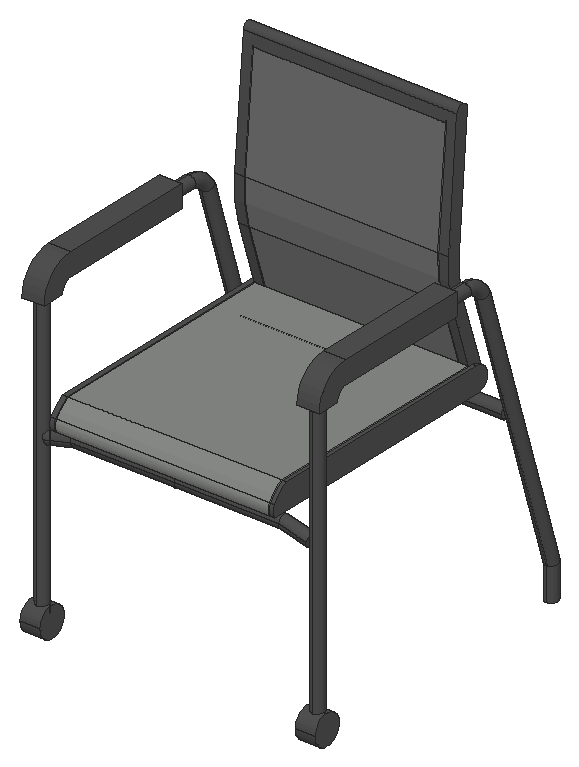
Revit family
Parameters
  플라스틱 = 등받이
  좌석/뒷면 재료 = 직물 - 대나무 짜기
  Assembly Code = ""
  배관 재료 = 금속 - 크롬
  등받이 = 등받이
Reference planes
  plane 1 "중심(앞/뒤)": y = -21.097
  plane 2: z = 0
  plane 3 "중심(왼쪽/오른쪽)": x = 76.119
  plane 4 "왼쪽": x = 366.119
  plane 5 "오른쪽": x = -213.881
  plane 6 "좌석": z = 406.4
  plane 7 "뒤로": through (0, -139.491, -12.204) normal (0, 0.9962, 0.0872)
  plane 8: y = -220
  plane 9: y = 240
  plane 10: z = 655
  plane 11: z = 905
  plane 12: x = -223.881
  plane 13: x = -178.881
  plane 14: x = 292.019
  plane 15: x = -139.781
  plane 16: x = -149.781
  plane 17: x = 302.019
Forms (mm)
  Sweep 1, solid, material "금속 - 크롬" <- "배관 재료"
    path origin (-201.714, -21.489, 0) x (0, 1, 0) y (0, 0, 1)
      loop
        line (-228.6, 39.2) -> (-228.6, 604.2)
        arc (-228.6, 604.2) -> (-213.721, 640.121) -> (-177.8, 655) r 50.8
        line (-177.8, 655) -> (142.4, 655)
        arc (142.4, 655) -> (167.531, 648.348) -> (186.08, 630.136) r 50.8
        line (186.08, 630.136) -> (361.4, 68.26) -> (361.4, 0)
    profile origin (203.733, 0, 321.7) x (0, -1, 0) y (1, 0, 0)
      loop
        circle (250.089, -405.447) r 12.7
  Extrusion 2, solid, material "금속 - 크롬" <- "배관 재료"
    sketch origin (366.119, 0, 0) x (0, 1, 0) y (0, 0, 1)
      loop
        circle (-250.638, 29.787) r 30
    from -587.843 to -547.533
  Extrusion 3, solid, material "금속 - 크롬" <- "배관 재료"
    sketch origin (-213.881, -21.097, 0) x (0, 1, 0) y (0, 0, -1)
      loop
        circle (-229.541, -29.787) r 30
    from -587.843 to -547.533
  Extrusion 4, solid, material "금속 - 크롬" <- "배관 재료"
    sketch origin (-139.781, 105.903, 457.2) x (0, 0, -1) y (0, -1, 0)
      loop
        line (-177.8, 32) -> (-177.8, 312)
        arc (-177.8, 312) -> (-170.752, 328.209) -> (-154.09, 334.11) r 22.164
        line (-154.09, 334.11) -> (-154.09, 379.146)
        arc (-154.09, 379.146) -> (-202.578, 360.035) -> (-222.8, 312) r 67.164
        line (-222.8, 312) -> (-222.8, 32) -> (-177.8, 32)
    from 39.1 to 84.1
  Extrusion 5, solid, material "금속 - 크롬" <- "배관 재료"
    sketch origin (292.019, 105.903, 457.2) x (0, 0, -1) y (0, 1, 0)
      loop
        line (-177.8, -32) -> (-222.8, -32) -> (-222.8, -312)
        arc (-222.8, -312) -> (-202.578, -360.035) -> (-154.09, -379.146) r 67.164
        line (-154.09, -379.146) -> (-154.09, -334.11)
        arc (-154.09, -334.11) -> (-170.752, -328.209) -> (-177.8, -312) r 22.164
        line (-177.8, -312) -> (-177.8, -32)
    from 39.1 to 84.1
  Extrusion 6, solid, material "직물 - 대나무 짜기" <- "좌석/뒷면 재료"
    sketch origin (-139.781, 105.903, 457.2) x (0, 0, -1) y (0, -1, 0)
      loop
        arc (0, -111.053) -> (25.4, -136.453) -> (50.8, -111.053) r 25.4
        line (50.8, -111.053) -> (50.8, 398.642)
        arc (50.8, 398.642) -> (39.382, 401.872) -> (27.964, 398.642) r 21.793
        arc (27.964, 398.642) -> (11.885, 385.404) -> (0, 368.3) r 76.059
        line (0, 368.3) -> (0, -111.053)
    from -431.8 to 0
  Extrusion 7, solid, material "금속 - 크롬" <- "배관 재료"
    sketch origin (505.219, 105.903, 457.2) x (0, 0, -1) y (0, -1, 0)
      loop
        arc (0, -111.053) -> (25.4, -136.453) -> (50.8, -111.053) r 25.4
        line (50.8, -111.053) -> (50.8, 398.642)
        arc (50.8, 398.642) -> (39.382, 401.872) -> (27.964, 398.642) r 21.793
        arc (27.964, 398.642) -> (11.885, 385.404) -> (0, 368.3) r 76.059
        line (0, 368.3) -> (0, -111.053)
    from 203.2 to 213.2
  Extrusion 8, solid, material "금속 - 크롬" <- "배관 재료"
    sketch origin (-352.981, 105.903, 457.2) x (0, 0, -1) y (0, 1, 0)
      loop
        line (0, 111.053) -> (0, -368.3)
        arc (0, -368.3) -> (11.885, -385.404) -> (27.964, -398.642) r 76.059
        arc (27.964, -398.642) -> (39.382, -401.872) -> (50.8, -398.642) r 21.793
        line (50.8, -398.642) -> (50.8, 111.053)
        arc (50.8, 111.053) -> (25.4, 136.453) -> (0, 111.053) r 25.4
    from 203.2 to 213.2
  Sweep 9, solid, material "금속 - 크롬" <- "배관 재료"
    path origin (353.953, -21.489, 0) x (0, 1, 0) y (0, 0, -1)
      loop
        line (-228.6, -39.2) -> (-228.6, -604.2)
        arc (-228.6, -604.2) -> (-213.721, -640.121) -> (-177.8, -655) r 50.8
        line (-177.8, -655) -> (142.4, -655)
        arc (142.4, -655) -> (167.531, -648.348) -> (186.08, -630.136) r 50.8
        line (186.08, -630.136) -> (361.4, -68.26) -> (361.4, 0)
    profile origin (203.733, 0, 321.7) x (0, 1, 0) y (-1, 0, 0)
      loop
        circle (-250.089, -150.219) r 12.7
  Extrusion 10, solid, material "금속 - 크롬" <- "배관 재료"
    sketch origin (-139.781, 171.476, 885.951) x (0, 0.996195, -0.087156) y (0, -0.087156, -0.996195)
      loop
        arc (4.878, -40.542) -> (17.378, -53.042) -> (29.878, -40.542) r 12.5
        line (29.878, -40.542) -> (29.878, 209.886)
        arc (29.878, 209.886) -> (34.611, 252.652) -> (46.64, 293.963) r 248.87
        line (46.64, 293.963) -> (108.68, 440.176)
        arc (108.68, 440.176) -> (102.055, 456.566) -> (85.666, 449.941) r 12.5
        line (85.666, 449.941) -> (23.477, 303.376)
        arc (23.477, 303.376) -> (10.104, 257.588) -> (4.878, 210.175) r 273.87
        line (4.878, 210.175) -> (4.878, -40.542)
    from -431.8 to 0
  Extrusion 11, void
    sketch origin (520.219, 171.476, 885.951) x (0, 0.996195, -0.087156) y (0, -0.087156, -0.996195)
      loop
        arc (4.878, -17.58) -> (17.504, -30.206) -> (30.13, -17.58) r 12.626
        line (30.13, -17.58) -> (30.13, 216.654)
        arc (30.13, 216.654) -> (35.296, 255.968) -> (46.64, 293.963) r 248.87
        line (46.64, 293.963) -> (98.915, 417.162)
        arc (98.915, 417.162) -> (92.29, 433.552) -> (75.901, 426.927) r 12.5
        line (75.901, 426.927) -> (23.477, 303.376)
        arc (23.477, 303.376) -> (10.104, 257.588) -> (4.878, 210.175) r 273.87
        line (4.878, 210.175) -> (4.878, -17.58)
    from 249.183 to 640
  Extrusion 12, solid, material "등받이" <- "등받이"
    sketch origin (-139.781, 171.476, 885.951) x (0, 0.996195, -0.087156) y (0, -0.087156, -0.996195)
      loop
        arc (4.878, -17.58) -> (16.242, -30.143) -> (29.878, -20.092) r 12.626
        line (29.878, -20.092) -> (29.878, 209.886)
        arc (29.878, 209.886) -> (34.611, 252.652) -> (46.64, 293.963) r 248.87
        line (46.64, 293.963) -> (98.915, 417.162)
        arc (98.915, 417.162) -> (92.29, 433.552) -> (75.901, 426.927) r 12.5
        line (75.901, 426.927) -> (23.477, 303.376)
        arc (23.477, 303.376) -> (10.104, 257.588) -> (4.878, 210.175) r 273.87
        line (4.878, 210.175) -> (4.878, -17.58)
    from -410.817 to -20
  Sweep 13, solid, material "금속 - 크롬" <- "배관 재료"
    path origin (292.019, 73.903, 655) x (0, 0, 1) y (1, 0, 0)
      loop
        line (-278.6, 49.1) -> (-278.6, -480.9)
    profile origin (76.119, 73.903, 376.4) x (0, 0, 1) y (0, 1, 0)
      loop
        circle (0, 169.612) r 13
  Sweep 14, solid, material "금속 - 크롬" <- "배관 재료"
    path origin (292.019, -419.895, 640) x (0, 0, 1) y (1, 0, 0)
      loop
        line (-278.6, -480.9) -> (-263.6, -425.9) -> (-263.6, -215.9) -> (-263.6, -5.9) -> (-278.6, 49.1)
    profile origin (181.119, -419.895, 376.4) x (0, 0, -1) y (0, 1, 0)
      loop
        circle (0, 169.612) r 13
Cuts and joins
  joined: Sweep 1, Extrusion 4
  Extrusion 11 cuts Extrusion 10
Lines and regions (mm)
  Masking region 1
    outline origin (76.119, -21.097, 406.4) x (0, -1, 0) y (1, 0, 0)
      loop
        line (-152.4, 190.5) -> (-152.4, -190.5)
        arc (-152.4, -190.5) -> (-144.961, -208.461) -> (-127, -215.9) r 25.4
        line (-127, -215.9) -> (215.9, -215.9)
        arc (215.9, -215.9) -> (233.861, -208.461) -> (241.3, -190.5) r 25.4
        line (241.3, -190.5) -> (241.3, 190.5)
        arc (241.3, 190.5) -> (233.861, 208.461) -> (215.9, 215.9) r 25.4
        line (215.9, 215.9) -> (-127, 215.9)
        arc (-127, 215.9) -> (-144.961, 208.461) -> (-152.4, 190.5) r 25.4
      loop
        arc (-163.481, 203.2) -> (-167.201, 212.18) -> (-176.181, 215.9) r 12.7
        line (-176.181, 215.9) -> (-200.781, 215.9)
        arc (-200.781, 215.9) -> (-209.762, 212.18) -> (-213.481, 203.2) r 12.7
        line (-213.481, 203.2) -> (-213.481, -203.2)
        arc (-213.481, -203.2) -> (-209.762, -212.18) -> (-200.781, -215.9) r 12.7
        line (-200.781, -215.9) -> (-176.181, -215.9)
        arc (-176.181, -215.9) -> (-167.201, -212.18) -> (-163.481, -203.2) r 12.7
        line (-163.481, -203.2) -> (-163.481, 203.2)
      loop
        circle (-230.581, 203.479) r 15.073
      loop
        circle (-230.581, -203.733) r 15.073
Dimensions and locks
  plane 5 "오른쪽" to plane 4 "왼쪽" = 580.00 mm
  plane 6 "좌석" to level = 406.40 mm
  plane 8 to plane 9 = 460.00 mm
  plane 10 to level = 655.00 mm
  plane 11 to level = 905.00 mm
